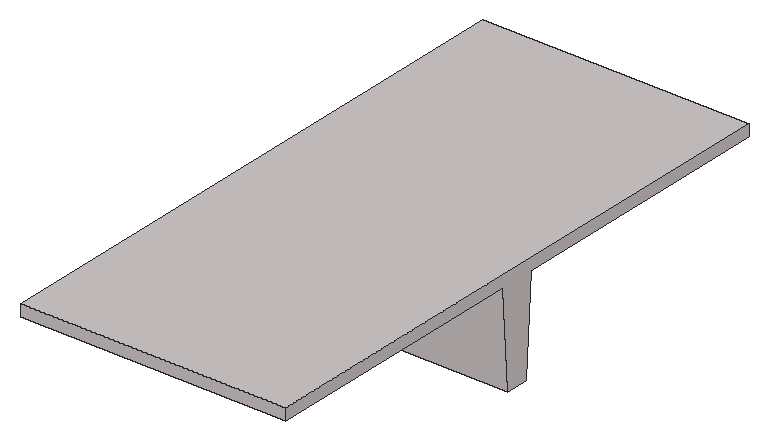
Revit family
Parameters (values of type "8' x 18"")
  Start Extension Calculation [instance] = 10' 0 1/2" + Start Extension  # 10' - 0"
  Start Extension [instance] = -0' - 0 1/2"
  End Extension Calculation [instance] = 10' 0 1/2" + End Extension  # 10' - 0"
  End Extension [instance] = -0' - 0 1/2"
  Beam Material [instance] = Concrete - Precast Concrete - Normal Weight - 5 ksi
  Assembly Code = "B10"
  Depth = 1' - 6"
  Length [instance] = 5' - 0"
  Slab Depth = 0' - 2"
  Stem Width = 0' - 3 3/4"
  Width = 8' - 0"
Types (3): name | Depth
  (no name) | 1' - 6"
  8' x 18" | 1' - 6"
  8' x 20" | 1' - 8"
Reference planes (in)
  plane 1 "Center (Front/Back)": y = 0
  plane 2: z = 0
  plane 3 "Center (Left/Right)": x = 0.1815
  plane 4 "Member Left": x = -21.8185
  plane 5 "Member Right": x = 22.1815
  plane 6: y = 48
  plane 7: y = -48
  plane 8: z = 9
  plane 9 "Bottom": z = -9
  plane 10 "Left": x = -29.8185
  plane 11 "Right": x = 30.1815
  plane 12: x = -21.8185
  plane 13: x = 22.1815
  plane 14: x = 98.1815
  plane 15: x = -97.8185
Forms (in)
  Sweep 1, solid, material "Concrete - Precast Concrete - Normal Weight - 5 ksi" <- "Beam Material"
    path origin (0, 0, 0) x (1, 0, 0) y (0, 1, 0)
      loop
        line (22.1815, 0) -> (-21.8185, 0)
    profile "Single Tee-Profile : Single Tee-Profile" origin (0.1815, 0, 0) x (0, -1, 0) y (0, 0, 1)
      loop
        line (-48, 7) -> (-2.875, 7) -> (-1.875, -9) -> (1.875, -9) -> (2.875, 7) -> (48, 7) -> (48, 9) -> (-48, 9) -> (-48, 7)
Lines and regions (in)
  symbolic lines, style "Hidden Faces", detail levels medium+fine
    curve 1: line (-21.8185, -1.875, -9) -> (22.1815, -1.875, -9)
    curve 2: line (-21.8185, 1.875, -9) -> (22.1815, 1.875, -9)
Dimensions and locks (in)
  "Width": plane 6 to plane 7
  equal spacing: plane 9 "Bottom", plane 2, plane 8
  equal spacing: plane 6, plane 1 "Center (Front/Back)", plane 7
  "Depth": plane 9 "Bottom" to plane 8
  "Length": plane 10 "Left" to plane 11 "Right"
  "Stem Width": curve 1 to curve 2
  equal spacing: curve 1, plane 1 "Center (Front/Back)", curve 2
  locked: plane 4 "Member Left" to plane 14 at 120
  locked: plane 15 to plane 5 "Member Right" at 120
  "Start Extension Calculation": plane 12 to plane 14
  "End Extension Calculation": plane 15 to plane 13
  aligned and locked: Sweep 1 sketch curve to plane 1 "Center (Front/Back)"
  aligned and locked: plane 12 to Sweep 1 sketch curve
  aligned and locked: plane 13 to Sweep 1 sketch curve
  aligned and locked: plane 12 to curve 2
  aligned and locked: plane 12 to curve 1
  aligned and locked: plane 13 to curve 2
  aligned and locked: plane 13 to curve 1
